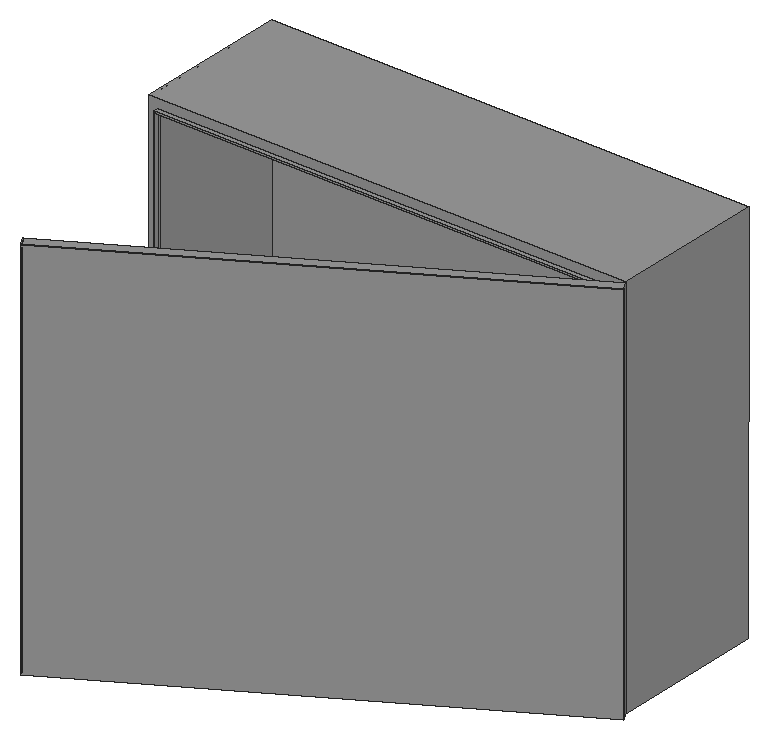
Revit family "Hager-Univers-IP55-D275-H650-Cl.II-Steel_encl-NoHosted-CH-it", category Electrical Equipment, Revit 2020
Family settings
  Panel Configuration = Two Columns, Circuits Across
  Round Connector Dimension = Use Diameter
  Part Type = Panelboard
  Work Plane-Based = Yes
  Always vertical = Yes
  Cut with Voids When Loaded = No
  Shared = No
  Room Calculation Point = No
Parameters (values of type "A parete IP55 L800 A650 P275  - FR43S")
  Width Control [instance] = if([EF000008 - Larghezza] > Min Width, [EF000008 - Larghezza], Min Width)  # 800 mm
  Type Comments = [HG000003 - Gamma]  # "Univers"
  Thickness Door [instance] = if([EF009171 - spessore materiale porta/coperchio] > 3 mm, 3 mm, [EF009171 - spessore materiale porta/coperchio])  # 1.5 mm
  Seal Frame Offset [instance] = 17 mm  # constant formula
  Plinth Visibility [instance] = [HG000027 - Altezza dello zoccolo] > 0 mm  # no
  Min Width [instance] = 100 mm  # constant formula
  Min Depth [instance] = (2 * [EF009170 - spessore materiale scatola]) + 1 mm  # 4 mm
  Min Height [instance] = 100 mm  # constant formula
  Internal Frame Depth [instance] = (Door System Depth * 0.5)  # 9 mm
  Panel Name [instance] = ""  # (empty or 0)
  Model = ""
  HG000027 - Altezza dello zoccolo = 0 mm
  HG000026 - A pavimento = no
  HG000024 - Altezza della sezione inferiore = 600 mm
  HG000023 - Custodia a doppia sezione = no
  HG000016 - Visibilità delle porte nella vista 3D [instance] = yes
  HG000015 - Visibilità attraverso la porta [instance] = no
  HG000014 - Porta destra [instance] = yes
  HG000013 - Porta sinistra [instance] = not([HG000014 - Porta destra])  # no
  HG000012 - Angolo di apertura della porta [instance] = 30.00°
  HG000010 - Porte asimmetriche = no
  HG000009 - Porta doppia a battente = no
  HG000006 - Ad incasso = no
  HG000004 - Codice produttore = "FR43S"
  HG000003 - Gamma = "Univers"
  HG000002 - Con porta = yes
  Frame Offset Bottom [instance] = 10 mm  # constant formula
  Frame Offset [instance] = 15 mm  # constant formula
  EF015940 - Coprire con rilascio di sovrapressione = no
  EF011959 - tipo di protezione (NEMA) = ""
  EF009554 - numero delle aperture per la piastra della flangia = 6
  EF009212 - esecuzione coperchio = "EV000116 - chiuso"
  EF009171 - spessore materiale porta/coperchio = 1.5 mm
  EF009170 - spessore materiale scatola = 1.5 mm
  EF008873 - corrente nominale (In) = 800 A
  EF007800 - adatto per parafulmine = no
  EF006306 - con serratura = no
  EF006244 - coperchio/porta trasparente = no
  EF005474 - grado di protezione (IP) = "EV006420 - IP55"
  EF004464 - tipo di porta = "EV002646 - singolo"
  EF004427 - numero di moduli = 144
  EF004293 - resistenza agli urti = "EV008784 - IK10"
  EF003532 - adatto per uso esterno = no
  EF002950 - Numero moduli DIN = 24
  EF001613 - Integrità del circuito = "EV000494 - senza"
  EF001596 - Attacco Lampada = "EV000179 - acciaio"
  EF001131 - profondità interna = 275 mm
  EF001088 - possibilità di applicazione = yes
  EF000437 - numero di ingressi per conduttori = 6
  EF000339 - tipo di copertura = "EV004216 - porta"
  EF000266 - numero di file = 4
  EF000218 - profondità di incasso = 0 mm
  EF000118 - con piastra di montaggio = no
  EF000116 - numero RAL = "7035"
  EF000049 - profondità = 275 mm
  EF000040 - Altezza = 650 mm
  EF000008 - Larghezza = 800 mm
  EF000007 - colore = "EV000270 - grigio"
  EF000003 - Tipo di montaggio = "EV000384 - A parete"
  Door System Leaf Tolerance [instance] = 1.5 mm  # constant formula
  Door System Depth [instance] = 18 mm  # constant formula
  Door Height [instance] = Height Control - [HG000027 - Altezza dello zoccolo]  # 650 mm
  Description = ""
  Default Elevation = 1219.2 mm
  Connector Offset [instance] = Height Control / 2  # 325 mm
  Manufacturer = "Hager"  # constant formula
  Height Control [instance] = if([EF000040 - Altezza] > Min Height, [EF000040 - Altezza], Min Height)  # 650 mm
  Depth Control [instance] = if([EF000049 - profondità] > Min Depth, [EF000049 - profondità], Min Depth)  # 275 mm
  Bottom Top Plate Trim [instance] = 1.5 mm  # constant formula
  Plinth height Ctrl [instance] = if([HG000027 - Altezza dello zoccolo] > 0 mm, [HG000027 - Altezza dello zoccolo], 12 mm)  # 12 mm
Types (5, lengths in mm): name | Width Control | HG000010 - Porte asimmetriche | HG000009 - Porta doppia a battente | HG000004 - Codice produttore | EF009554 - numero delle aperture per la piastra della flangia | EF004464 - tipo di porta | EF004427 - numero di moduli | EF000437 - numero di ingressi per conduttori | EF000008 - Larghezza
  A parete IP55 L1050 A650 P275  - FR44S | 1050 | no | yes | "FR44S" | 8 | "EV003602 - doppio" | 192 | 8 | 1050
  A parete IP55 L1300 A650 P275  - FR45S | 1300 | yes | yes | "FR45S" | 10 | "EV003602 - doppio" | 240 | 10 | 1300
  A parete IP55 L300 A650 P275  - FR41S | 300 | no | no | "FR41S" | 2 | "EV002646 - singolo" | 48 | 2 | 300
  A parete IP55 L550 A650 P275  - FR42S | 550 | no | no | "FR42S" | 4 | "EV002646 - singolo" | 96 | 4 | 550
  A parete IP55 L800 A650 P275  - FR43S | 800 | no | no | "FR43S" | 6 | "EV002646 - singolo" | 144 | 6 | 800
Reference planes
  plane 1 "Center (Front/Back)": y = 0
  plane 2: z = 0
  plane 3 "Center (Left/Right)": x = 0
  plane 4: y = 0
  plane 5: y = 0
  plane 6: z = 0
  plane 7: x = -400
  plane 8: x = 400
  plane 9: x = 398.5
  plane 10: x = -398.5
  plane 11: z = 0
  plane 12: z = 1.5
  plane 13: y = -275
  plane 14: y = -1.5
  plane 15: x = 0
  plane 16: y = -257
  plane 17: y = -273.5
  plane 18: y = -255.5
  plane 19: x = -383.5
  plane 20: x = 383.5
  plane 21: z = 11.5
  plane 22: x = -383
  plane 23: x = 383
  plane 24: z = 0
  plane 25: z = 650
  plane 26: z = 650
  plane 27: z = 633.5
  plane 28: z = 648.5
Forms (mm)
  Extrusion 1, solid, material "Hager_Steel_RAL7035_Light_Grey", detail levels medium+fine
    sketch origin (-208.679, -4572, 0) x (-1, 0, 0) y (0, -1, 0)
      loop
        line (191.321, -4315) -> (-608.679, -4315) -> (-608.679, -4572) -> (191.321, -4572) -> (191.321, -4315)
    from 0 to 650
  Extrusion 2, void
    sketch origin (-350.771, -275, 1219.2) x (1, 0, 0) y (0, 0, 1)
      loop
        line (-47.729, -570.7) -> (-47.729, -1217.7) -> (749.271, -1217.7) -> (749.271, -570.7) -> (-47.729, -570.7)
    from -19.5 to -273.5
  Extrusion 3, void
    sketch origin (-290.084, -257, 1219.2) x (1, 0, 0) y (0, 0, 1)
      loop
        line (-93.416, -1207.7) -> (673.584, -1207.7) -> (673.584, -585.7) -> (-93.416, -585.7) -> (-93.416, -1207.7)
    from 0 to -1.5
  Extrusion 4, solid, material "Hager_Steel_RAL7035_Light_Grey", visible <- "Plinth Visibility", detail levels medium+fine
    sketch origin (0, 0, 0) x (1, 0, 0) y (0, 1, 0)
      loop
        line (-400, 0) -> (-400, -257) -> (400, -257) -> (400, 0) -> (-400, 0)
    from 0 to 12 <- "Plinth height Ctrl"
  Extrusion 5, solid, material "Hager_Steel_RAL7035_Light_Grey", detail levels coarse
    sketch origin (0, 0, 0) x (1, 0, 0) y (0, 1, 0)
      loop
        line (-400, 0) -> (-400, -275) -> (400, -275) -> (400, 0) -> (-400, 0)
    from 0 to 650 <- "Height Control"
  Sweep 6, void
    path in 3D
      loop
        line (-400, -257, 12) -> (400, -257, 12) -> (400, 0, 12) -> (-400, 0, 12) -> (-400, -257, 12)
    profile origin (-400, -128.5, 12) x (1, 0, 0) y (0, 0, 1)
      loop
        line (0, 0) -> (0, -1.5) -> (1.5, -1.5)
        arc (1.5, -1.5) -> (1.061, -0.439) -> (0, 0) r 1.5
  Extrusion 7, solid, material "Hager_Steel_RAL7035_Light_Grey", detail levels fine
    sketch origin (-400, -257, 0) x (1, 0, 0) y (0, 0, 1)
      loop
        line (16.5, 11.5) -> (783.5, 11.5) -> (783.5, 633.5) -> (16.5, 633.5) -> (16.5, 11.5)
      loop
        line (15, 10) -> (785, 10) -> (785, 635) -> (15, 635) -> (15, 10)
    from 0 to 9 <- "Internal Frame Depth"
Cuts and joins
  Extrusion 2, Extrusion 3 cuts Extrusion 1
  Sweep 6 cuts Extrusion 4
Lines and regions (mm)
  Masking region 1
    outline origin (0, 0, 0) x (1, 0, 0) y (0, 1, 0)
      loop
        line (-400, 0) -> (-400, -275) -> (400, -275) -> (400, 0) -> (-400, 0)
  Masking region 2, detail levels coarse
    outline origin (-290.084, -257, 1219.2) x (-1, 0, 0) y (0, 0, 1)
      loop
        line (-690.084, -1219.2) -> (109.916, -1219.2) -> (109.916, -569.2) -> (-690.084, -569.2) -> (-690.084, -1219.2)
  Masking region 3, detail levels coarse
    outline origin (0, 0, 0) x (0, 1, 0) y (0, 0, 1)
      loop
        line (0, 0) -> (0, 650) -> (-275, 650) -> (-275, 0) -> (0, 0)
  Masking region 4, visible <- "Plinth Visibility", detail levels medium+fine
    outline origin (0, 0, 0) x (0, 1, 0) y (0, 0, 1)
      loop
        line (-1.5, 12) -> (-255.5, 12)
        arc (-255.5, 12) -> (-255.939, 10.939) -> (-257, 10.5) r 1.5
        line (-257, 10.5) -> (-257, 0) -> (0, 0) -> (0, 10.5)
        arc (0, 10.5) -> (-1.061, 10.939) -> (-1.5, 12) r 1.5
  Masking region 5, detail levels medium+fine
    outline origin (0, 0, 594.038) x (0, 1, 0) y (0, 0, 1)
      loop
        line (0, -594.038) -> (0, 55.962) -> (-257, 55.962) -> (-257, -594.038) -> (0, -594.038)
  Masking region 6, detail levels medium+fine
    outline origin (-359.7, -257, 1211.883) x (-1, 0, 0) y (0, 0, 1)
      loop
        line (-759.7, -1211.883) -> (40.3, -1211.883) -> (40.3, -561.883) -> (-759.7, -561.883) -> (-759.7, -1211.883)
  Masking region 7, visible <- "Plinth Visibility", detail levels medium+fine
    outline origin (-320.334, -257, 1041.368) x (-1, 0, 0) y (0, 0, 1)
      loop
        line (-720.334, -1041.368) -> (79.666, -1041.368) -> (79.666, -1030.868)
        arc (79.666, -1030.868) -> (78.606, -1030.429) -> (78.166, -1029.368) r 1.5
        line (78.166, -1029.368) -> (-718.834, -1029.368)
        arc (-718.834, -1029.368) -> (-719.273, -1030.429) -> (-720.334, -1030.868) r 1.5
        line (-720.334, -1030.868) -> (-720.334, -1041.368)
  sketch lines
    curve 1: line (-400, 0, 12) -> (-400, -257, 12)
    curve 2: line (-400, -257, 12) -> (400, -257, 12)
    curve 3: line (400, 0, 12) -> (-400, 0, 12)
    curve 4: line (400, -257, 12) -> (400, 0, 12)
Dimensions and locks
  locked: plane 1 "Center (Front/Back)" to plane 5
  "EF009170 - spessore materiale scatola": plane 7 to plane 10
  "EF009170 - spessore materiale scatola": plane 8 to plane 9
  equal spacing: plane 7, plane 3 "Center (Left/Right)", plane 8
  "Width Control": plane 7 to plane 8
  "Depth Control": plane 4 to plane 13
  "EF009170 - spessore materiale scatola": plane 4 to plane 14
  "Height Control": plane 25 to level
  "HG000027 - Altezza dello zoccolo": plane 11 to level
  "EF009170 - spessore materiale scatola": plane 12 to plane 11
  "EF009170 - spessore materiale scatola": plane 17 to plane 13
  "EF009170 - spessore materiale scatola": plane 18 to plane 16
  "Frame Offset Bottom": plane 21 to plane 12
  "Frame Offset": plane 10 to plane 19
  "Frame Offset": plane 9 to plane 20
  "Door System Depth": plane 16 to plane 13
  "Seal Frame Offset": plane 7 to plane 22
  "Seal Frame Offset": plane 8 to plane 23
  "EF009170 - spessore materiale scatola": plane 26 to plane 28
  "Frame Offset": plane 28 to plane 27
  "Connector Offset": plane 2 to connector elem
  "Bottom Top Plate Trim": profile plane to Sweep 6 sketch curve
  "Bottom Top Plate Trim": Sweep 6 sketch curve to Sweep 6 sketch curve
  "Plinth height Ctrl": Masking region 4 sketch curve to level
  "Plinth height Ctrl": Masking region 7 sketch curve to level
  "Thickness Door": Extrusion 7 sketch curve to Extrusion 7 sketch curve  (x4)
  "Bottom Top Plate Trim": radius of Sweep 6 sketch curve
  "Bottom Top Plate Trim": radius of Masking region 4 sketch curve  (x2)
  "Bottom Top Plate Trim": radius of Masking region 7 sketch curve  (x2)
  aligned and locked: Extrusion 2 sketch curve to plane 12
  aligned and locked: Extrusion 2 sketch curve to plane 9
  aligned and locked: Extrusion 2 sketch curve to plane 10
  aligned and locked: Extrusion 2 to plane 14
  aligned and locked: Extrusion 1 sketch curve to plane 4
  aligned and locked: plane 8 to Extrusion 1 sketch curve
  aligned and locked: plane 7 to Extrusion 1 sketch curve
  aligned and locked: Extrusion 2 to plane 18
  aligned and locked: Extrusion 3 sketch curve to plane 19
  aligned and locked: plane 20 to Extrusion 3 sketch curve
  aligned and locked: Extrusion 3 to Extrusion 2
  aligned and locked: Extrusion 3 sketch curve to plane 21
  aligned and locked: plane 3 "Center (Left/Right)" to nested 1
  aligned and locked: Extrusion 1 sketch curve to plane 16
  aligned and locked: Extrusion 4 sketch curve to cut or joined group of Extrusion 1, Extrusion 2, Extrusion 3
  aligned and locked: Masking region 1 sketch curve to plane 7
  aligned and locked: Masking region 1 sketch curve to plane 5
  aligned and locked: Masking region 1 sketch curve to plane 8
  aligned and locked: Masking region 2 sketch curve to level
  aligned and locked: level to Masking region 3 sketch curve
  aligned and locked: plane 1 "Center (Front/Back)" to Masking region 3 sketch curve
  aligned and locked: plane 13 to Masking region 3 sketch curve
  aligned and locked: plane 5 to Masking region 4 sketch curve
  aligned and locked: Masking region 2 sketch curve to plane 8
  aligned and locked: Masking region 2 sketch curve to plane 7
  aligned and locked: plane 7 to nested 2
  aligned and locked: nested 2 to plane 5
  aligned and locked: plane 5 to Masking region 5 sketch curve
  aligned and locked: plane 26 to Masking region 5 sketch curve
  aligned and locked: Extrusion 5 sketch curve to plane 8
  aligned and locked: Extrusion 5 sketch curve to plane 7
  aligned and locked: Extrusion 5 sketch curve to plane 5
  aligned and locked: Extrusion 3 sketch curve to plane 27
  aligned and locked: Extrusion 2 sketch curve to plane 28
  aligned and locked: Masking region 2 to plane 25
  aligned and locked: Extrusion 4 to plane 16
  aligned and locked: profile plane to Sweep 6 sketch curve
  aligned and locked: Masking region 5 sketch curve to plane 24
  aligned and locked: level to Masking region 4 sketch curve
  aligned and locked: Masking region 1 to plane 13
  aligned and locked: nested 1 to plane 16
  aligned and locked: Masking region 3 to plane 25
  aligned and locked: plane 16 to Masking region 4 sketch curve
  aligned and locked: Masking region 5 sketch curve to plane 16
  aligned and locked: plane 24 to plane 11
  aligned and locked: plane 26 to plane 25
  aligned and locked: plane 26 to cut or joined group of Extrusion 1, Extrusion 2, Extrusion 3
  aligned and locked: nested 1 to plane 24
  aligned and locked: Extrusion 1 to Extrusion 3
  aligned and locked: Masking region 6 sketch curve to plane 8
  aligned and locked: Masking region 6 sketch curve to plane 24
  aligned and locked: Masking region 6 sketch curve to plane 7
  aligned and locked: Masking region 6 sketch curve to plane 26
  aligned and locked: Masking region 7 sketch curve to plane 7
  aligned and locked: level to Masking region 7 sketch curve
  aligned and locked: Masking region 7 sketch curve to plane 8
  aligned and locked: Extrusion 7 sketch curve to cut or joined group of Extrusion 1, Extrusion 2, Extrusion 3  (x4)
Automatic sketch dimensions
  plane 19 to Extrusion 3 sketch curve = 0 mm
  Extrusion 3 sketch curve to plane 20 = 0 mm
  Extrusion 3 sketch curve to plane 21 = 0 mm
  Extrusion 4 sketch curve to plane 7 = 0 mm
  Extrusion 4 sketch curve to plane 8 = 0 mm
  Extrusion 4 sketch curve to plane 16 = 0 mm
  Masking region 1 sketch curve to plane 13 = 0 mm
  Masking region 2 sketch curve to plane 25 = 0 mm
  Masking region 3 sketch curve to plane 25 = 0 mm
  Extrusion 5 sketch curve to plane 13 = 0 mm
  profile plane to Sweep 6 sketch curve = 0 mm
Nested families
  nested 1: "EC000058_Univers_Door" at (0, -257, 0), Double <- "HG000009 - Porta doppia a battente", Transparent <- "EF006244 - coperchio/porta trasparente", Angle <- "HG000012 - Angolo di apertura della porta", Door_Right <- "HG000014 - Porta destra", Assymetrical <- "HG000010 - Porte asimmetriche", Door <- "HG000002 - Con porta", Width_Ctrl <- "Width Control", 3d_Door <- "HG000016 - Visibilità delle porte nella vista 3D", Clearance <- "HG000015 - Visibilità attraverso la porta", Door_Left <- "HG000013 - Porta sinistra", Width <- "Width Control", Door_Depth <- "Door System Depth", Leaf_Tolerance <- "Door System Leaf Tolerance", Height <- "Door Height", Lock_Visibility <- "EF006306 - con serratura", Thickness <- "Thickness Door", type "EC000058_Univers_Door", detail levels medium+fine
    with min_wh 4 mm, Width_Ctrl 800 mm, Width 800 mm, Transparent no, Thickness 1.5 mm, Seal_Material Hager_Rubber, Lock_Visibility no, Lock_Material Hager_Plastic_RAL9005_Jet_Black, Leaf_Width 800 mm, Leaf_Tolerance_External_Sides 0 mm, Leaf_Tolerance 1.5 mm, Leaf_Offset 0 mm, Leaf_Height 647 mm, Leaf_2_Width 800 mm, Leaf_2_Offset 400 mm, Leaf_1_Width 800 mm, Leaf_1_Offset 400 mm, Height_Ctrl 650 mm, Height 650 mm, Glass_Material Hager_Glass, Double_Clearance_Ctrl no, Double no, Door_Right_Ctrl yes, Door_Right yes, Door_Material Hager_Steel_RAL7035_Light_Grey, Door_Left_Ctrl no, Door_Left no, Door_Depth 18 mm, Door yes, Clearance_Material Hager_Clearance, Clearance_Depth 800 mm, Clearance_Ctrl no, Clearance no, Assymetrical no, Angle 30.00°, 3d_Door yes
  nested 2: "Hager_Enclosure_Symbol" at (-400, 0, 0), Height <- "Depth Control", Width <- "Width Control", type "Hager_Enclosure_Symbol"
    with Width_Ctrl 800 mm, Width 800 mm, Height_Ctrl 275 mm, Height 275 mm, A_Width_Int 18.047 mm, A_Width 216.562 mm, A_Height_Ctrl 240.625 mm, A_Height 240.625 mm
Connectors
  electrical at (0, 0, 325)
    settings: on plane 1 "Center (Front/Back)", index 1, voltage 0 V, apparent load 0 VA, apparent load phase1 0 VA, apparent load phase2 0 VA, apparent load phase3 0 VA, power factor 1, load classification "Other", number of poles 1, system type 30, power factor state 1, is connector primary yes, connector utility no, sub classification motor no, connector description ""
Definition of nested family "EC000058_Univers_Door"
  Parameters (values of type "EC000058_Univers_Door")
    min_wh [instance] = (2 * Thickness) + 1 mm  # 11 mm
    Width_Ctrl [instance] = 400 mm
    Width [instance] = 500 mm
    Transparent [instance] = yes
    Thickness [instance] = 5 mm
    Seal_Material [instance] = none
    Lock_Visibility [instance] = yes
    Lock_Material [instance] = none
    Leaf_Width [instance] = if((Width_Ctrl - 2 * Leaf_Tolerance_External_Sides) > 0 mm, (Width_Ctrl - 2 * Leaf_Tolerance_External_Sides), min_wh)  # 400 mm
    Leaf_Tolerance_External_Sides [instance] = 0 mm  # constant formula
    Leaf_Tolerance [instance] = 1.5 mm
    Leaf_Offset [instance] = 0 mm  # constant formula
    Leaf_Height [instance] = if((Height_Ctrl - 2 * Leaf_Tolerance) > 0 mm, (Height_Ctrl - 2 * Leaf_Tolerance), min_wh)  # 497 mm
    Leaf_2_Width [instance] = if(and(and(Double, Assymetrical), Door_Left), (Leaf_Width / 3) - (Leaf_Tolerance / 2), if(and(and(Double, Assymetrical), Door_Right), (Leaf_Width / 3) * 2 - (Leaf_Tolerance / 2), if(and(Double, not(Assymetrical)), (Leaf_Width / 2) - Leaf_Tolerance, Leaf_Width)))  # 400 mm
    Leaf_2_Offset [instance] = if(and(Double, Assymetrical), Leaf_2_Width / 2, if(and(Double, not(Assymetrical)), Leaf_Width / 4, Leaf_Width / 2))  # 200 mm
    Leaf_1_Width [instance] = if(and(and(Double, Assymetrical), Door_Right), (Leaf_Width / 3) - (Leaf_Tolerance / 2), if(and(and(Double, Assymetrical), Door_Left), (Width / 3) * 2 - (Leaf_Tolerance / 2), if(and(Double, not(Assymetrical)), (Leaf_Width / 2) - Leaf_Tolerance, Leaf_Width)))  # 400 mm
    Leaf_1_Offset [instance] = if(and(Double, Assymetrical), Leaf_1_Width / 2, if(and(Double, not(Assymetrical)), Leaf_Width / 4, Leaf_Width / 2))  # 200 mm
    Height_Ctrl [instance] = if(Height > min_wh, Height, min_wh)  # 500 mm
    Height [instance] = 500 mm
    Glass_Material [instance] = none
    Double_Clearance_Ctrl [instance] = and(Double, Clearance)  # no
    Double [instance] = no
    Door_Right_Ctrl [instance] = and(or(Door_Right, Double), Door)  # yes
    Door_Right [instance] = yes
    Door_Material [instance] = none
    Door_Left_Ctrl [instance] = and(or(Door_Left, Double), Door)  # no
    Door_Left [instance] = no
    Door_Depth [instance] = 30 mm
    Door [instance] = yes
    Default Elevation = 1219.2 mm
    Clearance_Material [instance] = none
    Clearance_Depth [instance] = if(Leaf_1_Width > Leaf_2_Width, Leaf_1_Width, Leaf_2_Width)  # 400 mm
    Clearance_Ctrl [instance] = and(not(Double), Clearance)  # yes
    Clearance [instance] = yes
    Assymetrical [instance] = yes
    Angle [instance] = 30.00°
    3d_Door [instance] = yes
  Reference planes
    plane 1 "Center (Front/Back)": y = 0
    plane 2 "Bottom": z = 0
    plane 3 "Center (Left/Right)": x = 0
    plane 4: z = 500
    plane 5: x = -200
    plane 6: x = 200
    plane 7: z = 500
    plane 8: x = -200
    plane 9: z = 0
    plane 10: x = 200
    plane 11: y = 0
    plane 12: z = 1.5
    plane 13: x = -600
    plane 14: y = -400
    plane 15: x = 600
    plane 16: x = 0
    plane 17: x = 0
    plane 18: x = -200
    plane 19: x = 200
    plane 20: z = 498.5
  Forms (mm)
    Extrusion 1, solid, material <- "Clearance_Material", visible <- "Double_Clearance_Ctrl"
      sketch origin (1200, 0, 0) x (1, 0, 0) y (0, 0, -1)
        loop
          line (-1800, -498.5) -> (-600, -498.5) -> (-600, 0) -> (-1800, 0) -> (-1800, -498.5)
      from 0 to -400
  Dimensions and locks
    equal spacing: plane 5, plane 3 "Center (Left/Right)", plane 6
    "Width_Ctrl": plane 5 to plane 6
    "Leaf_Offset": plane 5 to plane 8
    "Leaf_Offset": plane 6 to plane 10
    "Leaf_Offset": plane 9 to level
    "Leaf_Offset": plane 4 to plane 7
    "Height_Ctrl": plane 4 to level
    "Leaf_Tolerance": plane 12 to plane 9
    locked: plane 11 to plane 1 "Center (Front/Back)"
    "Leaf_1_Offset": plane 18 to plane 16
    "Leaf_2_Offset": plane 17 to plane 19
    "Leaf_1_Width": plane 13 to plane 8
    "Leaf_2_Width": plane 10 to plane 15
    "Clearance_Depth": plane 14 to plane 1 "Center (Front/Back)"
    "Leaf_Tolerance_External_Sides": plane 8 to plane 18
    "Leaf_Tolerance_External_Sides": plane 19 to plane 10
    "Leaf_Tolerance": plane 7 to plane 20
    aligned and locked: level to plane 2 "Bottom"
    aligned and locked: nested 1 to plane 16
    aligned and locked: nested 2 to plane 17
    aligned and locked: Extrusion 1 to plane 13
    aligned and locked: plane 15 to Extrusion 1
    aligned and locked: Extrusion 1 to plane 14
    aligned and locked: plane 12 to nested 1
    aligned and locked: nested 2 to plane 12
    aligned and locked: Extrusion 1 to plane 11
    aligned and locked: plane 20 to Extrusion 1
    aligned and locked: nested 2 to plane 11
    aligned and locked: nested 1 to plane 11
  Automatic sketch dimensions
    Extrusion 1 sketch curve to level = 0 mm
    plane 5 to Extrusion 1 sketch curve = 400 mm
    plane 6 to Extrusion 1 sketch curve = 400 mm
    Extrusion 1 sketch curve to plane 4 = 1.5 mm
  Nested families
    nested 1: "EC000058_Univers_Door_Leaf" at (0, 0, 1.5), Width <- "Leaf_1_Width", visible <- "Door_Left_Ctrl", Leaf_Height <- "Leaf_Height", Angle <- "Angle", 3d_Door <- "3d_Door", Transparent <- "Transparent", Clearance Material <- "Clearance_Material", Clearance <- "Clearance_Ctrl", Door_Material <- "Door_Material", Glass_Material <- "Glass_Material", Door_Depth <- "Door_Depth", Lock_Material <- "Lock_Material", Seal_Material <- "Seal_Material", Lock_Visibility <- "Lock_Visibility", Thickness <- "Thickness", type "EC000058_Univers_Door_Leaf"
      with Width 400 mm, Transparent_Glass_Offset 30 mm, Transparent_Ctrl yes, Transparent yes, Thickness 5 mm, Standard no, Seal_Material none, Seal_D2 8 mm, Seal_D1 1 mm, Offset_Internal_Frame 10 mm, Lock_Width 20 mm, Lock_Visibility_3d yes, Lock_Visibility yes, Lock_Thickness_3 3 mm, Lock_Thickness_2 1 mm, Lock_Thickness_1 3 mm, Lock_Radius_Offset_2 16 mm, Lock_Radius_Offset_1 15 mm, Lock_Radius_2 5 mm, Lock_Radius 6 mm, Lock_Offset 5 mm, Lock_Material none, Lock_Height 80 mm, Lock_Cover_Top_Offset_2d 17 mm, Lock_Cover_Height -65 mm, Leaf_Height 497 mm, Internal_Seal_Thickness 8 mm, Internal_Seal_Depth_2 4.5 mm, Internal_Frame_Depth 25 mm, Glass_Thickness -1 mm, Glass_Offset -2 mm, Glass_Material none, Door_Material none, Door_Depth 30 mm, Clearance Material none, Clearance yes, Angle_Ctrl 30.00°, Angle 30.00°, 3d_Door yes
    nested 2: "EC000058_Univers_Door_Leaf" at (0, 0, 1.5) x (-1, 0, 0) z (0, 0, 1), Width <- "Leaf_2_Width", visible <- "Door_Right_Ctrl", Leaf_Height <- "Leaf_Height", Angle <- "Angle", 3d_Door <- "3d_Door", Transparent <- "Transparent", Clearance Material <- "Clearance_Material", Clearance <- "Clearance_Ctrl", Door_Material <- "Door_Material", Glass_Material <- "Glass_Material", Door_Depth <- "Door_Depth", Lock_Material <- "Lock_Material", Seal_Material <- "Seal_Material", Lock_Visibility <- "Lock_Visibility", Thickness <- "Thickness", type "EC000058_Univers_Door_Leaf"
      with Width 400 mm, Transparent_Glass_Offset 30 mm, Transparent_Ctrl yes, Transparent yes, Thickness 5 mm, Standard no, Seal_Material none, Seal_D2 8 mm, Seal_D1 1 mm, Offset_Internal_Frame 10 mm, Lock_Width 20 mm, Lock_Visibility_3d yes, Lock_Visibility yes, Lock_Thickness_3 3 mm, Lock_Thickness_2 1 mm, Lock_Thickness_1 3 mm, Lock_Radius_Offset_2 16 mm, Lock_Radius_Offset_1 15 mm, Lock_Radius_2 5 mm, Lock_Radius 6 mm, Lock_Offset 5 mm, Lock_Material none, Lock_Height 80 mm, Lock_Cover_Top_Offset_2d 17 mm, Lock_Cover_Height -65 mm, Leaf_Height 497 mm, Internal_Seal_Thickness 8 mm, Internal_Seal_Depth_2 4.5 mm, Internal_Frame_Depth 25 mm, Glass_Thickness -1 mm, Glass_Offset -2 mm, Glass_Material none, Door_Material none, Door_Depth 30 mm, Clearance Material none, Clearance yes, Angle_Ctrl 30.00°, Angle 30.00°, 3d_Door yes
  Definition of nested family "EC000058_Univers_Door_Leaf"
    Parameters (values of type "EC000058_Univers_Door_Leaf")
      Width [instance] = 2000 mm
      Transparent_Glass_Offset [instance] = 30 mm
      Transparent_Ctrl [instance] = and(Transparent, [3d_Door])  # yes
      Transparent [instance] = yes
      Thickness [instance] = 5 mm
      Standard [instance] = and(not(Transparent), [3d_Door])  # no
      Seal_Material [instance] = none
      Seal_D2 [instance] = 8 mm  # constant formula
      Seal_D1 [instance] = 1 mm  # constant formula
      Offset_Internal_Frame [instance] = 10 mm  # constant formula
      Lock_Width [instance] = 20 mm  # constant formula
      Lock_Visibility_3d [instance] = and(Lock_Visibility, [3d_Door])  # yes
      Lock_Visibility [instance] = yes
      Lock_Thickness_3 [instance] = 3 mm  # constant formula
      Lock_Thickness_2 [instance] = 1 mm  # constant formula
      Lock_Thickness_1 [instance] = 3 mm  # constant formula
      Lock_Radius_Offset_2 [instance] = Lock_Radius_Offset_1 + 1 mm  # 16 mm
      Lock_Radius_Offset_1 [instance] = 15 mm  # constant formula
      Lock_Radius_2 [instance] = Lock_Radius - 1 mm  # 5 mm
      Lock_Radius [instance] = 6 mm  # constant formula
      Lock_Offset [instance] = 5 mm  # constant formula
      Lock_Material [instance] = none
      Lock_Height [instance] = 80 mm  # constant formula
      Lock_Cover_Top_Offset_2d [instance] = Lock_Radius_Offset_2 + 1 mm  # 17 mm
      Lock_Cover_Height [instance] = -(Lock_Height - Lock_Radius_Offset_1)  # -65 mm
      Leaf_Height [instance] = 2720.336 mm
      Internal_Seal_Thickness [instance] = 8 mm  # constant formula
      Internal_Seal_Depth_2 [instance] = 4.5 mm  # constant formula
      Internal_Frame_Depth [instance] = if(Door_Depth - Thickness > 5 mm, Door_Depth - Thickness, 5 mm)  # 25 mm
      Glass_Thickness [instance] = if(Thickness > 15 mm, Glass_Offset + 10 mm, -1 mm)  # -1 mm
      Glass_Offset [instance] = if(Thickness > 15 mm, -(Thickness + 10 mm) / 2, -2 mm)  # -2 mm
      Glass_Material [instance] = none
      Door_Material [instance] = none
      Door_Depth [instance] = 30 mm
      Default Elevation = 0 mm
      Clearance Material [instance] = none
      Clearance [instance] = yes
      Angle_Ctrl [instance] = if(Angle > 180.00°, 180.00°, Angle)  # 90.00°
      Angle [instance] = 90.00°
      3d_Door [instance] = yes
    Reference planes
      plane 1 "Center (Front/Back)": y = 0
      plane 2: z = 0
      plane 3 "Center (Left/Right)": x = 0
      plane 4: y = 2000
      plane 5: x = -1000
      plane 6: x = 1000
      plane 7: x = -3000
      plane 8: z = 2720.336
      plane 9: z = 30
      plane 10: z = 2690.336
      plane 11: x = 970
      plane 12: x = -970
      plane 13: y = -3
      plane 14: z = 107.833
      plane 15: y = -5
      plane 16: y = -223.314
      plane 17: x = -1000
      plane 18: z = 1360.168
      plane 19: y = 30
    Forms (mm)
      Extrusion 1, solid, material <- "Clearance Material", visible <- "Clearance"
        sketch origin (0, 0, 0) x (1, 0, 0) y (0, 0, 1)
          loop
            line (-3000, 2720.336) -> (-3000, 0) -> (1000, 0) -> (1000, 2720.336) -> (-3000, 2720.336)
        from 0 to -2000
      Extrusion 2, solid, material <- "Door_Material", visible <- "Standard", detail levels medium+fine
        sketch origin (-1000, 0, 0) x (0, 1, 0) y (-1, 0, 0)
          loop
            line (0, 30) -> (0, 25) -> (2000, 25) -> (2000, 30) -> (0, 30)
        from 0 to 2720.336 <- "Leaf_Height"
      Extrusion 3, solid, material <- "Door_Material", visible <- "Transparent_Ctrl", detail levels medium+fine
        sketch origin (-1000, 0, 0) x (0, 1, 0) y (-1, 0, 0)
          loop
            line (0, 25) -> (2000, 25) -> (2000, 30) -> (0, 30) -> (0, 25)
        from 0 to 2720.336 <- "Leaf_Height"
      Extrusion 4, void
        sketch origin (-1025, 2000, 0) x (0, 1, 0) y (0, 0, -1)
          loop
            line (-30, -2690.336) -> (-30, -30) -> (-1970, -30) -> (-1970, -2690.336) -> (-30, -2690.336)
        from 0 to 5 <- "Thickness"
      Sweep 5, solid, material <- "Seal_Material", visible <- "Transparent_Ctrl", detail levels fine
        path in 3D
          loop
            line (-1025, 30, 30) -> (-1025, 30, 2690.336) -> (-1025, 1970, 2690.336) -> (-1025, 1970, 30) -> (-1025, 30, 30)
        profile origin (-1025, 1000, 30) x (1, 0, 0) y (0, 0, 1)
          loop
            line (0, 0) -> (0, -8) -> (1, -8) -> (1, 0) -> (0, 0)
      Extrusion 6, solid, material <- "Glass_Material", visible <- "Transparent_Ctrl", detail levels medium+fine
        sketch origin (-1030, 0, 0) x (0, 1, 0) y (0, 0, -1)
          loop
            line (1970, -2690.336) -> (1970, -30) -> (30, -30) -> (30, -2690.336) -> (1970, -2690.336)
        from -2 <- "Glass_Offset" to -1 <- "Glass_Thickness"
      Extrusion 7, solid, material <- "Door_Material", visible <- "3d_Door", detail levels medium+fine
        sketch origin (-1025, 2000, 0) x (0, -1, 0) y (0, 0, -1)
          loop
            line (0, -2720.336) -> (2000, -2720.336) -> (2000, 0) -> (0, 0) -> (0, -2720.336)
          loop
            line (1995, -5) -> (5, -5) -> (5, -2715.336) -> (1995, -2715.336) -> (1995, -5)
        from 0 to 25 <- "Internal_Frame_Depth"
      Sweep 8, solid, material <- "Seal_Material", visible <- "Transparent_Ctrl", detail levels fine
        path in 3D
          loop
            line (-1025, 0, 0) -> (-1025, 2000, 0) -> (-1025, 2000, 2720.336) -> (-1025, 0, 2720.336) -> (-1025, 0, 0)
        profile origin (-1025, 0, 1360.168) x (1, 0, 0) y (0, 1, 0)
          loop
            line (0, 10) -> (2.975, 10)
            arc (2.975, 10) -> (4.053, 10.447) -> (4.5, 11.525) r 1.525
            line (4.5, 11.525) -> (4.5, 16.527)
            arc (4.5, 16.527) -> (4.069, 17.569) -> (3.027, 18) r 1.473
            line (3.027, 18) -> (0, 18) -> (0, 10)
      Extrusion 9, solid, material <- "Lock_Material", visible <- "Lock_Visibility_3d", detail levels fine
        sketch origin (-1030, 0, 0) x (0, 1, 0) y (0, 0, -1)
          loop
            arc (1993.5, -1400.168) -> (1994.561, -1399.729) -> (1995, -1398.668) r 1.5
            line (1995, -1398.668) -> (1995, -1320.168) -> (1975, -1320.168) -> (1975, -1398.668)
            arc (1975, -1398.668) -> (1975.439, -1399.729) -> (1976.5, -1400.168) r 1.5
            line (1976.5, -1400.168) -> (1993.5, -1400.168)
        from 3 <- "Lock_Thickness_1" to 0
      Blend 10, solid, material <- "Lock_Material", visible <- "Lock_Visibility_3d", detail levels fine
        base sketch origin (-1033, 0, 0) x (0, 1, 0) y (0, 0, -1)
          loop
            line (1975, -1320.168) -> (1975, -1398.668)
            arc (1975, -1398.668) -> (1975.439, -1399.729) -> (1976.5, -1400.168) r 1.5
            line (1976.5, -1400.168) -> (1993.5, -1400.168)
            arc (1993.5, -1400.168) -> (1994.561, -1399.729) -> (1995, -1398.668) r 1.5
            line (1995, -1398.668) -> (1995, -1320.168) -> (1975, -1320.168)
        top sketch origin (-1033, 0, 0) x (0, 1, 0) y (0, 0, -1)
          loop
            line (1976, -1320.168) -> (1976, -1398.668)
            arc (1976, -1398.668) -> (1976.146, -1399.022) -> (1976.5, -1399.168) r 0.5
            line (1976.5, -1399.168) -> (1993.5, -1399.168)
            arc (1993.5, -1399.168) -> (1993.854, -1399.022) -> (1994, -1398.668) r 0.5
            line (1994, -1398.668) -> (1994, -1320.168) -> (1976, -1320.168)
        from 0 to 1 <- "Lock_Thickness_2"
      Blend 11, solid, material <- "Lock_Material", visible <- "Lock_Visibility_3d", detail levels fine
        base sketch origin (-1034, 0, 0) x (0, 1, 0) y (0, 0, -1)
          loop
            line (1978, -1320.168) -> (1978, -1384.168)
            arc (1978, -1384.168) -> (1985, -1391.168) -> (1992, -1384.168) r 7
            line (1992, -1384.168) -> (1992, -1320.168) -> (1978, -1320.168)
        top sketch origin (-1034, 0, 0) x (0, 1, 0) y (0, 0, -1)
          loop
            line (1991, -1320.168) -> (1979, -1320.168) -> (1979, -1383.168)
            arc (1979, -1383.168) -> (1985, -1389.168) -> (1991, -1383.168) r 6
            line (1991, -1383.168) -> (1991, -1320.168)
        from 0 to 3 <- "Lock_Thickness_3"
      Extrusion 12, solid, material <- "Lock_Material", visible <- "Lock_Visibility_3d", detail levels fine
        sketch origin (-1030, 1975, 1320.168) x (1, 0, 0) y (0, -1, 0)
          loop
            line (-7, -19) -> (-7, -1) -> (0, -1) -> (0, 0) -> (-8, 0) -> (-8, -20) -> (0, -20) -> (0, -19) -> (-7, -19)
        from 0 to -65 <- "Lock_Cover_Height"
      Extrusion 13, void
        sketch origin (-1038, 1995, 1320.168) x (-1, 0, 0) y (0, 0, -1)
          loop
            line (-5, -65) -> (0, -65) -> (-5, -60) -> (-5, -65)
        from 0 to 20 <- "Lock_Width"
      Extrusion 14, void
        sketch origin (-1038, 1975, 1320.168) x (0, -1, 0) y (0, 0, -1)
          loop
            circle (-10, -15.995) r 6
          loop
            circle (-10, -15.995) r 5
        from 0 to 2
      Extrusion 15, solid, material <- "Lock_Material", visible <- "Lock_Visibility_3d", detail levels medium
        sketch origin (-1030, 0, 0) x (0, 1, 0) y (0, 0, -1)
          loop
            arc (1993.5, -1400.168) -> (1994.561, -1399.729) -> (1995, -1398.668) r 1.5
            line (1995, -1398.668) -> (1995, -1320.168) -> (1975, -1320.168) -> (1975, -1398.668)
            arc (1975, -1398.668) -> (1975.439, -1399.729) -> (1976.5, -1400.168) r 1.5
            line (1976.5, -1400.168) -> (1993.5, -1400.168)
        from 8 to 0
    Cuts and joins
      Extrusion 4 cuts Extrusion 3
      Extrusion 13, Extrusion 14 cuts Extrusion 9
      Extrusion 14 cuts Blend 11
      Extrusion 13, Extrusion 14 cuts Extrusion 12
      joined: Extrusion 9, Blend 10, Blend 11, Extrusion 12
      Extrusion 14 cuts Extrusion 15
    Lines and regions (mm)
      Masking region 1, visible <- "Lock_Visibility", detail levels fine
        outline origin (0, 0, 0) x (0, 1, 0) y (0, 0, 1)
          loop
            line (30, 1320.168) -> (33, 1320.168) -> (33, 1400.168) -> (30, 1400.168) -> (30, 1320.168)
      Masking region 2, visible <- "Lock_Visibility", detail levels fine
        outline origin (0, 3.143, 0) x (0, 1, 0) y (0, 0, 1)
          loop
            line (29.857, 1354.168) -> (30.857, 1354.168) -> (30.857, 1366.168) -> (29.857, 1366.168) -> (29.857, 1354.168)
      Masking region 3, detail levels medium+fine
        outline origin (0, 0, 0) x (0, 1, 0) y (0, 0, 1)
          loop
            line (0, 0) -> (30, 0) -> (30, 2720.336) -> (0, 2720.336) -> (0, 0)
      Masking region 4, detail levels medium+fine
        outline origin (0, 0, 0) x (1, 0, 0) y (0, 0, 1)
          loop
            line (-1000, 2720.336) -> (-1000, 0) -> (1000, 0) -> (1000, 2720.336) -> (-1000, 2720.336)
      Masking region 5, visible <- "Lock_Visibility", detail levels fine
        outline origin (-47.116, 0, 0) x (1, 0, 0) y (0, 0, 1)
          loop
            arc (1024.616, 1399.168) -> (1023.556, 1398.729) -> (1023.116, 1397.668) r 1.5
            line (1023.116, 1397.668) -> (1023.116, 1320.168) -> (1041.116, 1320.168) -> (1041.116, 1397.668)
            arc (1041.116, 1397.668) -> (1040.677, 1398.729) -> (1039.616, 1399.168) r 1.5
            line (1039.616, 1399.168) -> (1024.616, 1399.168)
      Masking region 6, visible <- "Lock_Visibility", detail levels medium+fine
        outline origin (-25, 0, 0) x (1, 0, 0) y (0, 0, 1)
          loop
            arc (1001.5, 1400.168) -> (1000.439, 1399.729) -> (1000, 1398.668) r 1.5
            line (1000, 1398.668) -> (1000, 1320.168) -> (1020, 1320.168) -> (1020, 1398.668)
            arc (1020, 1398.668) -> (1019.561, 1399.729) -> (1018.5, 1400.168) r 1.5
            line (1018.5, 1400.168) -> (1001.5, 1400.168)
      Masking region 7, visible <- "Lock_Visibility", detail levels fine
        outline origin (-73.735, 0, 0) x (1, 0, 0) y (0, 0, 1)
          loop
            line (1051.735, 1382.168) -> (1065.735, 1382.168) -> (1065.735, 1384.168)
            arc (1065.735, 1384.168) -> (1058.735, 1391.168) -> (1051.735, 1384.168) r 7
            line (1051.735, 1384.168) -> (1051.735, 1382.168)
      Masking region 8, visible <- "Lock_Visibility", detail levels fine
        outline origin (-73.735, 0, 0) x (1, 0, 0) y (0, 0, 1)
          loop
            line (1052.735, 1382.168) -> (1064.735, 1382.168) -> (1064.735, 1383.168)
            arc (1064.735, 1383.168) -> (1058.735, 1389.168) -> (1052.735, 1383.168) r 6
            line (1052.735, 1383.168) -> (1052.735, 1382.168)
      Masking region 9, visible <- "Lock_Visibility", detail levels fine
        outline origin (-25, 0, 0) x (1, 0, 0) y (0, 0, 1)
          loop
            line (1020, 1320.168) -> (1020, 1382.168) -> (1000, 1382.168) -> (1000, 1320.168) -> (1020, 1320.168)
      Masking region 10, detail levels medium+fine
        outline origin (0, 0, 0) x (1, 0, 0) y (0, 0, 1)
          loop
            circle (985, 1335.144) r 6
      Masking region 11, detail levels fine
        outline origin (0, 0, 0) x (1, 0, 0) y (0, 0, 1)
          loop
            circle (985, 1335.144) r 5
      Masking region 12, visible <- "Lock_Visibility", detail levels fine
        outline origin (0, 12.767, 0) x (0, 1, 0) y (0, 0, 1)
          loop
            line (20.233, 1320.168) -> (21.233, 1320.168) -> (21.233, 1399.168) -> (20.233, 1400.168) -> (20.233, 1320.168)
      Masking region 13, visible <- "Lock_Visibility", detail levels fine
        outline origin (0, 13.767, -10) x (0, 1, 0) y (0, 0, 1)
          loop
            line (20.233, 1330.168) -> (23.233, 1330.168) -> (23.233, 1399.168) -> (20.233, 1402.168) -> (20.233, 1330.168)
      Masking region 14, visible <- "Lock_Visibility", detail levels fine
        outline origin (0, 12.767, -10) x (0, 1, 0) y (0, 0, 1)
          loop
            line (20.233, 1330.168) -> (25.233, 1330.168) -> (25.233, 1399.305) -> (20.233, 1394.305) -> (20.233, 1330.168)
      Masking region 15, visible <- "Lock_Visibility", detail levels medium
        outline origin (0, 0, 0) x (0, 1, 0) y (0, 0, 1)
          loop
            line (30, 1320.168) -> (38, 1320.168) -> (38, 1400.168) -> (30, 1400.168) -> (30, 1320.168)
      Masking region 16, visible <- "Lock_Visibility", detail levels fine
        outline origin (-1000, 0, 0) x (0, 1, 0) y (-1, 0, 0)
          loop
            line (1975, 30) -> (1995, 30) -> (1995, 38) -> (1975, 38) -> (1975, 30)
          loop
            line (1979, 37) -> (1976, 37) -> (1976, 34) -> (1978, 34) -> (1979, 37)
          loop
            line (1994, 37) -> (1991, 37) -> (1992, 34) -> (1994, 34) -> (1994, 37)
      Masking region 17, visible <- "Lock_Visibility", detail levels medium
        outline origin (-1000, 0, 0) x (0, 1, 0) y (-1, 0, 0)
          loop
            line (1975, 30) -> (1995, 30) -> (1995, 38) -> (1975, 38) -> (1975, 30)
      symbolic lines
        curve 1: line (1000, 0, 0) -> (-3000, 0, 0)
        curve 2: arc (1000, 0, 0) -> (-1000, 2000, 0) -> (-3000, 0, 0) r 2000
        curve 4: line (-1030, 0, 0) -> (-1030, 2000, 0)
      reference lines
        curve 3: line (-1000, 0, 0) -> (-1000, 2000, 0)
      symbolic lines, detail levels medium+fine
        curve 5: line (-1030, 2000, 0) -> (-1025, 2000, 0)
        curve 7: line (-1025, 0, 0) -> (-1030, 0, 0)
        curve 8: line (-1025, 0, 0) -> (-1000, 0, 0)
        curve 9: line (-1000, 0, 0) -> (-1000, 2000, 0)
        curve 10: line (-1000, 2000, 0) -> (-1025, 2000, 0)
      symbolic lines, detail levels fine
        curve 6: line (-1025, 2000, 0) -> (-1025, 0, 0)
      sketch lines
        curve 11: line (-1025, 0, 2720.336) -> (-1025, 0, 0)
        curve 12: line (-1025, 2000, 0) -> (-1025, 0, 0)
        curve 13: line (-1025, 2000, 2720.336) -> (-1025, 2000, 0)
        curve 14: line (-1025, 0, 2720.336) -> (-1025, 2000, 2720.336)
        curve 15: line (-1025, 1970, 30) -> (-1025, 30, 30)
        curve 16: line (-1025, 30, 30) -> (-1025, 30, 2690.336)
        curve 17: line (-1025, 1970, 2690.336) -> (-1025, 1970, 30)
        curve 18: line (-1025, 30, 2690.336) -> (-1025, 1970, 2690.336)
      symbolic lines, visible <- "Transparent", detail levels medium+fine
        curve 19: line (-970, 0, 2690.336) -> (970, 0, 2690.336)
        curve 20: line (-970, 0, 30) -> (-970, 0, 2690.336)
        curve 21: line (970, 0, 30) -> (-970, 0, 30)
        curve 22: line (970, 0, 2690.336) -> (970, 0, 30)
    Dimensions and locks
      "Width": plane 1 "Center (Front/Back)" to plane 4
      equal spacing: plane 5, plane 3 "Center (Left/Right)", plane 6
      "Width": plane 5 to plane 6
      "Width": plane 7 to plane 5
      "Leaf_Height": plane 8 to level
      "Width": curve 5 to curve 3
      "Width": curve 3 to curve 3
      plane 8 to plane 10 = 30 mm
      plane 9 to level = 30 mm
      plane 12 to plane 5 = 30 mm
      plane 6 to plane 11 = 30 mm
      Extrusion 1 to Extrusion 4 sketch curve = 30 mm
      "Transparent_Glass_Offset": curve 3 to Extrusion 4 sketch curve
      "Transparent_Glass_Offset": Extrusion 4 sketch curve to cut or joined group of Extrusion 3, Extrusion 4  (x2)
      cut or joined group of Extrusion 3, Extrusion 4 to Extrusion 6 sketch curve = 30 mm
      "Transparent_Glass_Offset": cut or joined group of Extrusion 3, Extrusion 4 to Extrusion 4 sketch curve
      "Thickness": curve 6 to curve 4
      "Thickness": Extrusion 7 sketch curve to Extrusion 7 sketch curve  (x4)
      "Door_Depth": curve 4 to curve 3
      "Offset_Internal_Frame": profile plane to Sweep 8 sketch curve
      "Internal_Seal_Thickness": Sweep 8 sketch curve to Sweep 8 sketch curve
      "Internal_Seal_Depth_2": profile plane to Sweep 8 sketch curve
      "Seal_D1": profile plane to Sweep 5 sketch curve
      "Seal_D2": profile plane to Sweep 5 sketch curve
      "Thickness": Extrusion 2 sketch curve to Extrusion 2 sketch curve
      equal spacing: Extrusion 9 sketch curve, plane 18, Extrusion 9 sketch curve  (x2)
      equal spacing: Masking region 1 sketch curve, plane 18, Masking region 1 sketch curve
      "Lock_Height": Masking region 1 sketch curve to Masking region 1 sketch curve
      "Lock_Radius": Masking region 2 sketch curve to plane 18 to Masking region 2 sketch curve
      Masking region 2 sketch curve to Masking region 1 = 1 mm
      "Door_Depth": plane 19 to plane 1 "Center (Front/Back)"
      "Lock_Thickness_1": Masking region 1 sketch curve to plane 19
      "Lock_Width": Extrusion 9 sketch curve to Extrusion 9 sketch curve
      "Lock_Height": Extrusion 9 sketch curve to Extrusion 9 sketch curve
      "Lock_Offset": cut or joined group of Extrusion 3, Extrusion 4 to Extrusion 9 sketch curve
      equal spacing: plane 8, plane 18, level
      "Lock_Radius_Offset_1": Blend 11 sketch curve to Blend 10
      locked: Blend 10 to Blend 11 sketch curve at 2  (x2)
      locked: var sketch to Blend 11 sketch curve at 1  (x2)
      "Lock_Radius_Offset_2": Blend 11 sketch curve to Blend 10
      locked: Extrusion 12 sketch curve to Extrusion 12 sketch curve at 1  (x3)
      Masking region 6 sketch curve to Masking region 6 sketch curve = 80 mm
      "Lock_Height": Masking region 6 sketch curve to Masking region 6 sketch curve
      "Lock_Width": Masking region 6 sketch curve to Masking region 6 sketch curve
      locked: Masking region 6 to Masking region 5 sketch curve at 1  (x3)
      locked: Masking region 5 to Masking region 7 sketch curve at 2  (x2)
      "Lock_Radius_Offset_1": Masking region 5 to Masking region 7 sketch curve
      "Lock_Radius_Offset_2": Masking region 5 to Masking region 8 sketch curve
      locked: Masking region 7 to Masking region 8 sketch curve at 1  (x2)
      "Lock_Cover_Top_Offset_2d": Masking region 5 to Masking region 9 sketch curve
      equal spacing: Masking region 9, Masking region 10 sketch curve, Masking region 9
      equal spacing: Masking region 9, Masking region 11 sketch curve, Masking region 9
      Extrusion 15 sketch curve to Extrusion 15 sketch curve = 80 mm
      "Lock_Width": Extrusion 15 sketch curve to Extrusion 15 sketch curve
      "Lock_Height": Extrusion 15 sketch curve to Extrusion 15 sketch curve
      equal spacing: Extrusion 15 sketch curve, plane 18, Extrusion 15 sketch curve
      "Lock_Thickness_3": Masking region 13 sketch curve to Masking region 13 sketch curve
      "Lock_Height": Masking region 12 sketch curve to Masking region 12 sketch curve
      locked: Masking region 13 sketch curve to Masking region 1 at 8
      locked: Masking region 14 sketch curve to Masking region 13 at 1
      locked: Masking region 14 sketch curve to Masking region 1 at 10.863
      "Lock_Height": Masking region 15 sketch curve to Masking region 15 sketch curve
      "Lock_Offset": Extrusion 15 sketch curve to cut or joined group of Extrusion 3, Extrusion 4
      "Lock_Offset": plane 6 to Masking region 6 sketch curve
      radius of Sweep 8 sketch curve = 1.525 mm
      radius of Sweep 8 sketch curve = 1.473 mm
      radius of Extrusion 9 sketch curve = 1.5 mm  (x2)
      "Lock_Radius": radius of Extrusion 14 sketch curve
      "Lock_Radius_2": radius of Extrusion 14 sketch curve
      "Lock_Radius": radius of Masking region 10 sketch curve
      "Lock_Radius_2": radius of Masking region 11 sketch curve
      radius of Extrusion 15 sketch curve = 1.5 mm  (x2)
      "Angle_Ctrl": angle plane 1 "Center (Front/Back)" to curve 3
      locked: Masking region 12 sketch curve to Masking region 12 sketch curve (angle 45.00°)
      locked: Masking region 13 sketch curve to Masking region 13 sketch curve (angle 45.00°)
      locked: Masking region 14 sketch curve to Masking region 14 sketch curve (angle 45.00°)
      aligned and locked: level to plane 2
      aligned and locked: Extrusion 1 to curve 1
      aligned and locked: plane 6 to Extrusion 1
      aligned and locked: Extrusion 1 to plane 1 "Center (Front/Back)"
      aligned and locked: plane 4 to Extrusion 1
      aligned and locked: plane 8 to Extrusion 1
      aligned and locked: curve 7 to Extrusion 2 sketch curve
      aligned and locked: curve 5 to Extrusion 2 sketch curve
      aligned and locked: curve 7 to Extrusion 3 sketch curve
      aligned and locked: Extrusion 3 sketch curve to curve 4
      aligned and locked: Extrusion 3 sketch curve to curve 6
      aligned and locked: Extrusion 3 sketch curve to curve 5
      aligned and locked: curve 9 to curve 3
      aligned and locked: Extrusion 7 sketch curve to cut or joined group of Extrusion 3, Extrusion 4  (x4)
      aligned and locked: plane 17 to curve 3
      aligned and locked: plane 1 "Center (Front/Back)" to curve 3
      aligned and locked: plane 17 to plane 5
      aligned and locked: Sweep 8 sketch curve to profile plane
      aligned and locked: Sweep 5 sketch curve to profile plane  (x2)
      aligned and locked: Masking region 1 to Masking region 2 sketch curve
      aligned and locked: plane 19 to Masking region 1 sketch curve
      aligned and locked: plane 1 "Center (Front/Back)" to Masking region 3 sketch curve
      aligned and locked: plane 19 to Masking region 3 sketch curve
      aligned and locked: level to Masking region 3 sketch curve
      aligned and locked: Masking region 3 sketch curve to plane 8
      aligned and locked: plane 17 to Masking region 4 sketch curve
      aligned and locked: level to Masking region 4 sketch curve
      aligned and locked: Masking region 4 sketch curve to plane 8
      aligned and locked: plane 12 to curve 20
      aligned and locked: plane 10 to curve 19
      aligned and locked: plane 11 to curve 22
      aligned and locked: curve 21 to plane 9
      aligned and locked: Extrusion 2 sketch curve to cut or joined group of Extrusion 3, Extrusion 4
      aligned and locked: Blend 10 sketch curve to Extrusion 9  (x4)
      aligned and locked: Extrusion 9 to Blend 10 sketch curve
      aligned and locked: Blend 10 to Blend 11 sketch curve
      aligned and locked: Extrusion 12 sketch curve to Blend 11
      aligned and locked: Extrusion 12 sketch curve to Extrusion 9  (x4)
      aligned and locked: Masking region 5 sketch curve to Masking region 6
      aligned and locked: Masking region 9 sketch curve to Masking region 6  (x3)
      aligned and locked: Masking region 12 sketch curve to Masking region 1
      aligned and locked: Masking region 13 sketch curve to Masking region 1
      aligned and locked: Masking region 12 to Masking region 14
      aligned and locked: Masking region 14 sketch curve to Masking region 1
      aligned and locked: Masking region 15 sketch curve to Masking region 14
      aligned and locked: Masking region 13 sketch curve to Masking region 12
      aligned and locked: Masking region 16 sketch curve to cut or joined group of Extrusion 14, Extrusion 15  (x4)
      aligned and locked: Masking region 16 sketch curve to cut or joined group of Extrusion 9, Blend 10, Blend 11, Extrusion 12, Extrusion 13, Extrusion 14  (x6)
      aligned and locked: cut or joined group of Extrusion 9, Blend 10, Blend 11, Extrusion 12, Extrusion 13, Extrusion 14 to Masking region 16 sketch curve
      aligned and locked: Masking region 17 sketch curve to cut or joined group of Extrusion 14, Extrusion 15  (x3)
      aligned and locked: Masking region 17 sketch curve to cut or joined group of Extrusion 9, Blend 10, Blend 11, Extrusion 12, Extrusion 13, Extrusion 14
      aligned and locked: Masking region 9 to Masking region 8 sketch curve
      aligned and locked: Masking region 9 to Masking region 7 sketch curve
    Automatic sketch dimensions
      plane 1 "Center (Front/Back)" to curve 2 = 0 mm
      curve 2 to plane 5 = 0 mm
      Extrusion 1 sketch curve to level = 0 mm
      Extrusion 1 sketch curve to plane 7 = 0 mm
      Extrusion 1 sketch curve to plane 6 = 0 mm
      Extrusion 1 sketch curve to plane 8 = 0 mm
      Extrusion 3 to Extrusion 6 sketch curve = 30 mm  (x4)
      Masking region 4 sketch curve to plane 6 = 0 mm
      Blend 10 sketch curve to Extrusion 9 = 1.5 mm
      Blend 10 sketch curve to Extrusion 9 = 1 mm
      Extrusion 13 sketch curve to Extrusion 12 = 0 mm  (x2)
      Extrusion 12 to Extrusion 13 sketch curve = 3 mm
      Extrusion 13 sketch curve to Extrusion 12 = 5 mm
      Extrusion 14 sketch curve to Extrusion 14 sketch curve = 0 mm  (x2)
      Extrusion 14 sketch curve to Extrusion 12 = 10 mm
      Extrusion 14 sketch curve to Extrusion 12 = 15.995 mm
      Masking region 5 sketch curve to Masking region 5 sketch curve = 1.5 mm  (x2)
      Masking region 10 sketch curve to plane 18 = 25.024 mm
      Masking region 11 sketch curve to plane 18 = 25.024 mm
      plane 19 to Masking region 14 sketch curve = 3 mm
      Masking region 16 sketch curve to Masking region 16 sketch curve = 3 mm
      curve 4 to curve 3 = 0 mm
      Blend 10 to Blend 11 sketch curve = 0 mm
      Masking region 6 sketch curve to Masking region 6 sketch curve = 1.5 mm  (x2)
      Masking region 6 sketch curve to plane 18 = 40 mm
      plane 19 to Masking region 12 sketch curve = 3 mm
      Masking region 12 sketch curve to Masking region 12 sketch curve = 1 mm
      Masking region 15 sketch curve to plane 19 = 0 mm
      Masking region 15 sketch curve to plane 18 = 40 mm
      radius of Blend 10 sketch curve to Extrusion 9 = 1 mm
Definition of nested family "Hager_Enclosure_Symbol"
  Parameters (values of type "Hager_Enclosure_Symbol")
    Width_Ctrl [instance] = if(Width > 1 mm, Width, 1 mm)  # 102.27 mm
    Width [instance] = 102.27 mm
    Height_Ctrl [instance] = if(Height > 1 mm, Height, 1 mm)  # 66.5 mm
    A_Width_Int [instance] = if(A_Width / 12 > 2 mm, A_Width / 12, 2 mm)  # 4.364 mm
    A_Width [instance] = if(A_Height_Ctrl * 0.9 > 2 mm, A_Height_Ctrl * 0.9, 2 mm)  # 52.369 mm
    A_Height_Ctrl [instance] = if(A_Height > 2 mm, A_Height, 2 mm)  # 58.188 mm
    Height [instance] = 66.5 mm
    A_Height [instance] = Height - (Height / 8)  # 58.188 mm
  Reference planes
    plane 1 "Centre (avant/arrière)": y = 0
    plane 2: z = 0
    plane 3 "Centre (gauche/droite)": x = 0
    plane 4: x = 52.369
    plane 5: y = 33.042
    plane 6: y = 41.77
    plane 7: y = 66.5
    plane 8: x = 26.184
    plane 9: y = 37.406
    plane 10: x = 102.27
    plane 11: y = 66.5
    plane 12: y = 8.313
  Lines and regions (mm)
    Filled region 1, type "Solid_Black", in view "Niveau de réf."
      outline origin (0, 0, 0) x (1, 0, 0) y (0, 1, 0)
        loop
          line (52.369, 66.5) -> (33.188, 54.536) -> (45.365, 45.006) -> (52.369, 66.5)
    Filled region 2, type "Solid_Black", in view "Niveau de réf."
      outline origin (0, 0, 0) x (1, 0, 0) y (0, 1, 0)
        loop
          line (0, 0) -> (102.27, 0) -> (102.27, 66.5) -> (0, 0)
    detail lines, in view "Niveau de réf."
      curve 1: line (0, 8.313, 0) -> (26.184, 41.77, 0)
      curve 2: line (26.184, 41.77, 0) -> (26.184, 33.042, 0)
      curve 3: line (26.184, 33.042, 0) -> (52.369, 66.5, 0)
  Dimensions and locks
    "A_Width": plane 3 "Centre (gauche/droite)" to plane 4
    equal spacing: plane 3 "Centre (gauche/droite)", plane 8, plane 4
    equal spacing: plane 6, plane 9, plane 5
    equal spacing: curve 3, Filled region 1 sketch curve, Filled region 1 sketch curve
    "Height_Ctrl": plane 1 "Centre (avant/arrière)" to plane 11
    "A_Height_Ctrl": plane 11 to plane 12
    equal spacing: plane 11, plane 9, plane 12
    "A_Width_Int": plane 6 to plane 9
    "Width_Ctrl": plane 3 "Centre (gauche/droite)" to plane 10
    angle Filled region 1 sketch curve to curve 3 = 20.00°
    angle curve 3 to Filled region 1 sketch curve = 20.00°
    locked: curve 3 to Filled region 1 sketch curve (angle 90.00°)
    aligned and locked: plane 10 to Filled region 2
    aligned and locked: plane 11 to Filled region 2 sketch curve
    aligned and locked: plane 10 to Filled region 2 sketch curve
    aligned and locked: plane 3 "Centre (gauche/droite)" to curve 1
    aligned and locked: plane 12 to curve 1
    aligned and locked: plane 7 to plane 11
  Automatic sketch dimensions
    Filled region 1 sketch curve to plane 4 = 0 mm
    Filled region 1 sketch curve to plane 7 = 0 mm
    plane 1 "Centre (avant/arrière)" to Filled region 2 sketch curve = 0 mm
    Filled region 2 sketch curve to plane 3 "Centre (gauche/droite)" = 0 mm
    curve 2 to plane 6 = 0 mm
    curve 2 to plane 8 = 0 mm
    curve 3 to plane 4 = 0 mm
    curve 2 to plane 5 = 0 mm
    curve 3 to plane 7 = 0 mm
